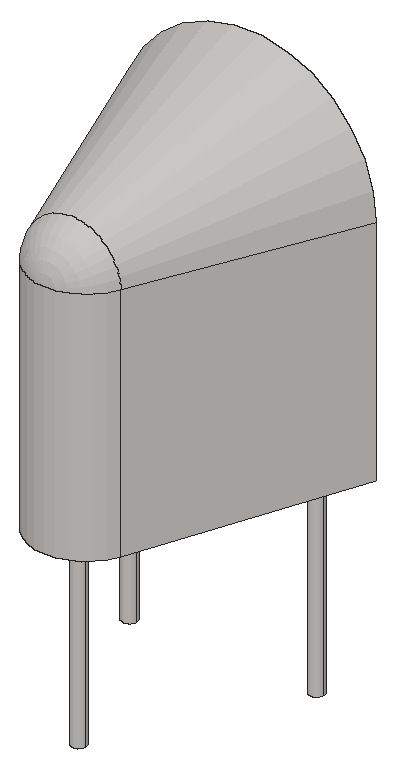
Revit family "PRD_FrankeWS_WCPans_HEAVY-DUTY_HDTX592,594", category Plumbing Fixtures, host Face, Revit 2018
Family settings
  Host = Face
  Round Connector Dimension = Use Diameter
  Part Type = Normal
  OmniClass Number = 23.45.05.21.11.21
  OmniClass Title = Urinals
  Cut with Voids When Loaded = No
  Shared = No
  Room Calculation Point = No
Parameters (values of type "HDTX592")
  WaterSupplyOverflowAndWasteHolesWaterSupply = "n/a"
  WaterSupplyOverflowAndWasteHolesWaste = "n/a"
  WaterSupplyOverflowAndWasteHolesOverflow = "n/a"
  WasteSize = 100 mm
  WarrantyStartDate [instance] = "1900-12-31T23:59:59"
  WarrantyGuarantorParts = "n/a"
  WarrantyGuarantorLabor = "n/a"
  WarrantyDurationUnit = "year"
  WarrantyDurationParts = "n/a"
  WarrantyDurationLabor = "n/a"
  WarrantyDescription = "n/a"
  Version = "1"
  Uniclass2015Version = "Products v1.7"
  Uniclass2015Title = "WC pans"
  Uniclass2015Code = "Pr_40_20_93_94"
  URL = "www.kwc.com"
  Type = HDTX592 : HDTX592
  ToiletType = "LooseCoupled"
  ToiletPanType = "Other"
  TagNumber [instance] = "n/a"
  SustainabilityPerformance = "n/a"
  Standard = "n/a"
  SpilloverLevel = 400.00 mm
  Size = "360 x 351 x 500 mm"
  Shape = "n/a"
  SerialNumber [instance] = "n/a"
  Revision = "n/a"
  ReplacementCost = "n/a"
  ProductInformation = "https://pim.kwc.com/product/2000100447/attachment/datasheet?locale=en"
  PanMounting = "WallHung"
  PanMaterial = "Stainless steel"
  PanHeight = "n/a"
  PanColor = "Stainless steel"
  NominalWidth = 360.00 mm
  NominalLength = 500.00 mm
  NominalHeight = 351.00 mm
  NominalDepth = 351.00 mm
  NetWeight = 13.74 kg
  Name = "HEAVY-DUTY WC HDTX592"
  NBSTypeID = "n/a"
  NBSReference = "45-35-70/384"
  NBSOfficeMasterTag = "n/a"
  NBSNote = "n/a"
  NBSDescription = "WC pans"
  NBSCertification = "n/a"
  ModelReference = "HDTX592"
  ModelNumber = "2000100447"
  Model = ModelReference  # "HDTX592"
  MinimumFlushingCapacity = "4.00 l"
  MaterialsFinishAndColour = "Stainless steel"
  MaterialsBody = "Stainless steel"
  Material = PRD_AR_StainlessSteel_SatinFinished
  ManufacturerURL = "www.kwc.com"
  ManufacturerName = "KWC Group AG"  # constant formula
  Manufacturer = ManufacturerName  # "KWC Group AG"
  IntegralAccessories = "Includes Mounting material"
  InstallationDate [instance] = "1900-12-31T23:59:59"
  InletSize = 55 mm
  IfcExportType = "TOILETPAN"
  IfcExportAs = "IfcSanitaryTerminalType"
  GrossWeight = 15.90 kg
  Grade = "n/a"
  Form = "WALL-HUNG"
  Finish = "Satin finished"
  Features = "stainless steel, 1.60 mm, satin finished, bolt fix with duct wall, 360x351x500 mm (WxHxD)"
  ExpectedLife = "n/a"
  DurationUnit = "year"
  Description = "Wall hung WC pan, hidden mounting with stainless steel rods through wall, fixing and service via maintenance room, stainless steel, surface satin finished, material thickness 1.6 mm, flushing certificated to EN 997, concealed flushing rim with min. 4 liter flushing capacity, with a shrouded 100 mm diameter horizontal 'P' trap outlet, pressed seat area tapered towards centre, all edges curved, fixing with 280 mm stainless steel rods and screw nuts (included) through the wall. 4 litre flush EN997 approved. Products can be foam filled, on request, for extra strength and reduction of noise in a security environment. Without seat and lid."
  Default Elevation = 500.00 mm
  CreateOn = "05/2019"  # constant formula
  Constituents = "n/a"
  ConnectingDimensions = "n/a"
  CodePerformance = "n/a"
  Category = "Pr_40_20_93_94, WC pans"
  BarCode [instance] = "n/a"
  BIMObjectName = "PRD_AR_WCPans_HEAVY-DUTY_HDTX592"
  Author = "Archispace"  # constant formula
  AssetType = "Fixed"
  AssetIdentifier [instance] = "n/a"
  AccessibilityPerformance = "n/a"
Types (2, lengths in mm): name | Type | Size | ProductInformation | NominalLength | NetWeight | Name | ModelReference | ModelNumber | Model | GrossWeight | Features | Description | BIMObjectName
  HDTX594 | HDTX594 : HDTX594 | "360 x 351 x 700 mm" | "https://pim.kwc.com/product/2000100444/attachment/datasheet?locale=en" | 700.00 | 17.338 kg | "HEAVY-DUTY WC HDTX594" | "HDTX594" | "2000100444" | "HDTX594" | 18.25 kg | "stainless steel, 1.60 mm, satin finished, bolt fix with duct wall, 360x351x700 mm (WxHxD)" | "Wall hung WC pan for disabled, hidden mounting with stainless steel rods through wall, fixing and service via maintenance room, stainless steel, surface satin finished, material thickness 1.6 mm, flushing certificated to EN 997, concealed flushing rim with min. 4 liter flushing capacity, with a shrouded 100 mm diameter horiziontal 'P' trap outlet, pressed seat area tapered towards centre, all edges curved, fixing with 280 mm stainless steel rods and screw nuts (included) through the wall." | "PRD_AR_WCPans_HEAVY-DUTY_HDTX594"
  HDTX592 | HDTX592 : HDTX592 | "360 x 351 x 500 mm" | "https://pim.kwc.com/product/2000100447/attachment/datasheet?locale=en" | 500.00 | 13.74 kg | "HEAVY-DUTY WC HDTX592" | "HDTX592" | "2000100447" | "HDTX592" | 15.90 kg | "stainless steel, 1.60 mm, satin finished, bolt fix with duct wall, 360x351x500 mm (WxHxD)" | "Wall hung WC pan, hidden mounting with stainless steel rods through wall, fixing and service via maintenance room, stainless steel, surface satin finished, material thickness 1.6 mm, flushing certificated to EN 997, concealed flushing rim with min. 4 liter flushing capacity, with a shrouded 100 mm diameter horizontal 'P' trap outlet, pressed seat area tapered towards centre, all edges curved, fixing with 280 mm stainless steel rods and screw nuts (included) through the wall. 4 litre flush EN997 approved. Products can be foam filled, on request, for extra strength and reduction of noise in a security environment. Without seat and lid." | "PRD_AR_WCPans_HEAVY-DUTY_HDTX592"
Reference planes
  plane 1 "Center (Front/Back)": y = 0
  plane 2: z = 0
  plane 3 "Center (Left/Right)": x = 0
  plane 4: y = -42
  plane 5: y = -292
  plane 6: x = -130
  plane 7: x = 130
Forms (mm)
  Extrusion 1, solid, material "PRD_AR_StainlessSteel_SatinFinished" <- "Material", detail levels fine
    sketch origin (0, 0, 0) x (1, 0, 0) y (0, 1, 0)
      loop
        circle (-130, -42) r 10
      loop
        circle (130, -42) r 10
      loop
        circle (0, -292) r 10
    from -262 to 0
  Extrusion 2, void
    sketch origin (0, 0, 0) x (1, 0, 0) y (0, 1, 0)
      loop
        circle (-130, -42) r 10
      loop
        circle (130, -42) r 10
      loop
        circle (0, -292) r 10
    from -262 to 0
  Extrusion 3, solid, not visible
    sketch origin (0, 0, 0) x (1, 0, 0) y (0, 1, 0)
      loop
        circle (0, -178.254) r 50
      loop
        circle (0, -42.3) r 27.5
    from 5 to 0
Lines and regions (mm)
  model lines
    curve 1: circle (0, -42.3, 0) r 27.5 normal (0, 0, 1)
    curve 2: circle (0, -178.254, 0) r 50 normal (0, 0, 1)
Dimensions and locks
  plane 1 "Center (Front/Back)" to plane 4 = 42.00 mm
  plane 4 to plane 5 = 250.00 mm
  plane 6 to plane 3 "Center (Left/Right)" to plane 7 = 130.00 mm, 130.00 mm
  aligned and locked: plane 2 to host face
  aligned and locked: level to host face
Nested families
  nested 1: "HDTX592" at (0, 0, 0), type <- "Type", type "HDTX592"
    with WarrantyStartDate "1900-12-31T23:59:59", TagNumber "n/a", SerialNumber "n/a", InstallationDate "1900-12-31T23:59:59", BarCode "n/a", AssetIdentifier "n/a"
Connectors
  piping at (0, -42.3, 0), diameter 55, driven by "InletSize"
    settings: on Extrusion 3, index 1, connector inside diameter 609.6 mm, connector length 0.00 mm, flow factor 0, pipe flow 0.0 L/s, pressure drop 0.0 Pa, fitting loss kfactor 0, connector angle 0.00°, fixture units 0, engagement length 0.00 mm, angle of deflection 0.00°, flow configuration 2, flow direction 1, fitting loss method 0, system type 20, joint type 0, gender type 0, connector reference index -1, connector utility 0, adjustable connector no, is connector primary yes, connector description ""
  piping at (0, -178.254, 0), diameter 100, driven by "WasteSize"
    settings: on Extrusion 3, index 2, connector inside diameter 609.6 mm, connector length 0.00 mm, flow factor 0, pipe flow 0.0 L/s, pressure drop 0.0 Pa, fitting loss kfactor 0, connector angle 0.00°, fixture units 0, engagement length 0.00 mm, angle of deflection 0.00°, flow configuration 2, flow direction 2, fitting loss method 0, system type 16, joint type 0, gender type 0, connector reference index -1, connector utility 0, adjustable connector no, is connector primary no, connector description ""
Definition of nested family "HDTX592"
  Parameters (values of type "HDTX592")
    WaterSupplyOverflowAndWasteHolesWaterSupply = "n/a"
    WaterSupplyOverflowAndWasteHolesWaste = "n/a"
    WaterSupplyOverflowAndWasteHolesOverflow = "n/a"
    WasteSize = 100 mm
    WarrantyStartDate [instance] = "1900-12-31T23:59:59"
    WarrantyGuarantorParts = "n/a"
    WarrantyGuarantorLabor = "n/a"
    WarrantyDurationUnit = "year"
    WarrantyDurationParts = "n/a"
    WarrantyDurationLabor = "n/a"
    WarrantyDescription = "n/a"
    Version = "1"
    Uniclass2015Version = "Products v1.7"
    Uniclass2015Title = "WC pans"
    Uniclass2015Code = "Pr_40_20_93_94"
    URL = "www.franke.com"
    ToiletType = "LooseCoupled"
    ToiletPanType = "Other"
    TagNumber [instance] = "n/a"
    SustainabilityPerformance = "n/a"
    Standard = "n/a"
    SpilloverLevel = 400.00 mm
    Size = "360 x 351 x 500 mm"
    Shape = "n/a"
    SerialNumber [instance] = "n/a"
    Revision = "n/a"
    ReplacementCost = "n/a"
    ProductInformation = "http://igh.franke.mycontent.ch/ch/pdf/Franke_ZDS_2000100447_EN.pdf"
    PanMounting = "WallHung"
    PanMaterial = "Stainless steel"
    PanHeight = "n/a"
    PanColor = "Stainless steel"
    NominalWidth = 360.00 mm
    NominalLength = 500.00 mm
    NominalHeight = 351.00 mm
    NominalDepth = 351.00 mm
    NetWeight = 13.74 kg
    Name = "HEAVY-DUTY WC HDTX592"
    NBSTypeID = "n/a"
    NBSReference = "45-35-70/384"
    NBSOfficeMasterTag = "n/a"
    NBSNote = "n/a"
    NBSDescription = "WC pans"
    NBSCertification = "n/a"
    ModelReference = "HDTX592"
    ModelNumber = "2000100447"
    Model = ModelReference  # "HDTX592"
    MaterialsFinishAndColour = "Stainless steel"
    MaterialsBody = "Stainless steel"
    Material = none
    ManufacturerURL = "www.franke.com"
    ManufacturerName = "FRANKE Water Systems AG"  # constant formula
    Manufacturer = ManufacturerName  # "FRANKE Water Systems AG"
    IntegralAccessories = "Includes Mounting material"
    InstallationDate [instance] = "1900-12-31T23:59:59"
    InletSize = 55 mm
    IfcExportType = "TOILETPAN"
    IfcExportAs = "IfcSanitaryTerminalType"
    GrossWeight = 15.90 kg
    Grade = "n/a"
    Form = "WALL-HUNG"
    Finish = "Satin finished"
    Features = "stainless steel, 1.50 mm, satin finished, bolt fix with duct wall, 360x351x500 mm (WxHxD)"
    ExpectedLife = "n/a"
    DurationUnit = "year"
    Description = "Wall hung WC pan, stainless steel, surface satin finished, material thickness 1.6 mm, flushing certificated to EN 997, concealed flushing rim with min. 4 liter flushing capacity, with a shrouded 100 mm diameter horizontal 'P' trap outlet, pressed seat area tapered towards centre, all edges curved, fixing with mounting plate supplied, conform to EN 33, includes security screws. 4 litre flush EN 997 approved."
    Default Elevation = 500.00 mm
    Description_2 = "Wall hung WC pan, hidden mounting with stainless steel rods through wall, fixing and service via maintenance room, stainless steel, surface satin finished, material thickness 1.5 mm, flushing certificated to EN 997, concealed flushing rim with min. 4 liter flushing capacity, with a shrouded 100 mm diameter horizontal 'P' trap outlet, pressed seat area tapered towards centre, all edges curved, fixing with 280 mm stainless steel rods and screw nuts (included) through the wall. 4 litre flush EN 997 approved. Products can be foam filled, on request, for extra strength and reduction of noise in a security environment."
    Constituents = "n/a"
    ConnectingDimensions = "n/a"
    CodePerformance = "n/a"
    Category = "Pr_40_20_93_94, WC pans"
    BarCode [instance] = "n/a"
    BIMObjectName = "PRD_FrankeWS_WCPans_HEAVY-DUTY_HDTX592"
    Author = "Archispace"  # constant formula
    AssetType = "Fixed"
    AssetIdentifier [instance] = "n/a"
    AccessibilityPerformance = "n/a"
  Reference planes
    plane 1 "Center (Front/Back)": y = 0
    plane 2: z = 0
    plane 3 "Center (Left/Right)": x = 0
    plane 4: y = -42
    plane 5: y = -292
    plane 6: x = -130
    plane 7: x = 130
  Forms (mm)
    Extrusion 1, solid
      sketch origin (0, 0, 0) x (1, 0, 0) y (0, 1, 0)
        loop
          line (-1219.2, 1219.2) -> (-1219.2, -1219.2) -> (1219.2, -1219.2) -> (1219.2, 1219.2) -> (-1219.2, 1219.2)
      from 0 to -304.8
  Dimensions and locks
    aligned and locked: plane 2 to Extrusion 1
    aligned and locked: level to Extrusion 1
  Nested families
    nested 1: "HDTX592" at (0, -351.65, 0) x (1, 0, 0) z (0, 1, 0), type "HDTX592"
  Definition of nested family "HDTX592"
    Parameters (values of type "HDTX592")
      Manufacturer = ""
      Model = ""
      Materiał = none
      Default Elevation = 1219.20 mm
    Reference planes
      plane 1 "Środek (Przód/Tył)": y = 0
      plane 2: z = 0
      plane 3 "Środek (Lewa/Prawa)": x = 0
      plane 4: z = 351.65
    Forms (mm)
      Blend 1, solid, material <- "Materiał", detail levels fine
        base sketch origin (-500, 0, 0) x (1, 0, 0) y (0, 1, 0)
          loop
            line (432.5, 0) -> (432.5, -332.5)
            arc (432.5, -332.5) -> (500, -400) -> (567.5, -332.5) r 67.5
            line (567.5, -332.5) -> (567.5, 0) -> (432.5, 0)
        top sketch origin (-500, 0, 0) x (1, 0, 0) y (0, 1, 0)
          loop
            line (321.75, 0) -> (321.75, -321.25)
            arc (321.75, -321.25) -> (500, -499.5) -> (678.25, -321.25) r 178.25
            line (678.25, -321.25) -> (678.25, 0) -> (321.75, 0)
        from 47 to 351.65
      Extrusion 2, solid, material <- "Materiał", detail levels fine
        sketch origin (-500, 0, 0) x (1, 0, 0) y (0, 0, 1)
          loop
            arc (432.5, 47) -> (500, 0) -> (567.5, 47) r 71.971
            line (567.5, 47) -> (432.5, 47)
        from 0 to 406.567
      Revolve 3, void
        sketch origin (0, -332.5, 0) x (-1, 0, 0) y (0, 0, 1)
          loop
            arc (67.5, 47) -> (41.126, 12.907) -> (0, 0) r 71.971
            line (0, 0) -> (107.5, 0) -> (107.5, 47) -> (67.5, 47)
          axis (0, 0) -> (0, 47)
        angle from 0 to 180
      Extrusion 4, void
        sketch origin (-500, 0, 0) x (1, 0, 0) y (0, 1, 0)
          loop
            line (351.66, -263.5) -> (351.66, -328.5)
            arc (351.66, -328.5) -> (500, -476.84) -> (648.34, -328.5) r 148.34
            line (648.34, -328.5) -> (648.34, -263.5)
            arc (648.34, -263.5) -> (500, -115.16) -> (351.66, -263.5) r 148.34
        from 346.65 to 351.65
      Blend 5, void
        base sketch origin (-1643.568, 0, 0) x (1, 0, 0) y (0, 1, 0)
          loop
            circle (1643.568, -250.803) r 35.85
        top sketch origin (-1643.568, 0, 0) x (1, 0, 0) y (0, 1, 0)
          loop
            line (1527.996, -262.945) -> (1527.996, -328.945)
            arc (1527.996, -328.945) -> (1643.496, -444.445) -> (1758.996, -328.945) r 115.5
            line (1758.996, -328.945) -> (1758.996, -262.945)
            arc (1758.996, -262.945) -> (1643.496, -147.445) -> (1527.996, -262.945) r 115.5
        from 111 to 348
      Sweep 6, void
        path origin (0, 0, 0) x (1, 0, 0) y (0, 1, 0)
          loop
            arc (148.34, -263.5) -> (0, -115.16) -> (-148.34, -263.5) r 148.34
            line (-148.34, -263.5) -> (-148.34, -328.5)
            arc (-148.34, -328.5) -> (0, -476.84) -> (148.34, -328.5) r 148.34
            line (148.34, -328.5) -> (148.34, -263.5)
        profile origin (0, -115.16, 0) x (0, -1, 0) y (0, 0, 1)
          loop
            line (0, 346.65) -> (0, 351.65) -> (-10, 351.65)
            arc (-10, 351.65) -> (-4.41, 350.33) -> (0, 346.65) r 12.5
      Blend 7, solid, material <- "Materiał", detail levels medium
        base sketch origin (0, 0, 0) x (1, 0, 0) y (0, 1, 0)
          loop
            line (52.75, 0) -> (-52.75, 0) -> (-52.75, -332.5)
            arc (-52.75, -332.5) -> (0, -385.25) -> (52.75, -332.5) r 52.75
            line (52.75, -332.5) -> (52.75, 0)
        top sketch origin (0, 0, 0) x (1, 0, 0) y (0, 1, 0)
          loop
            line (-178.25, 0) -> (-178.25, -321.25)
            arc (-178.25, -321.25) -> (0, -499.5) -> (178.25, -321.25) r 178.25
            line (178.25, -321.25) -> (178.25, 0) -> (-178.25, 0)
        from 0 to 351.65
      Extrusion 8, solid, material <- "Materiał", detail levels coarse
        sketch origin (0, 0, 0) x (1, 0, 0) y (0, 1, 0)
          loop
            line (-178.25, 0) -> (-178.25, -321.25)
            arc (-178.25, -321.25) -> (0, -499.5) -> (178.25, -321.25) r 178.25
            line (178.25, -321.25) -> (178.25, 0) -> (-178.25, 0)
        from 0 to 351.65
    Cuts and joins
      Extrusion 4, Blend 5, Sweep 6 cuts Blend 1
      Revolve 3 cuts Extrusion 2
      joined: Blend 1, Extrusion 2
    Lines and regions (mm)
      reference lines, not visible
        curve 1: line (0, -332.5, 0) -> (-225, -332.5, 0)
    Dimensions and locks
      aligned and locked: plane 4 to cut or joined group of Blend 1, Extrusion 2, Revolve 3, Extrusion 4, Blend 5, Sweep 6
